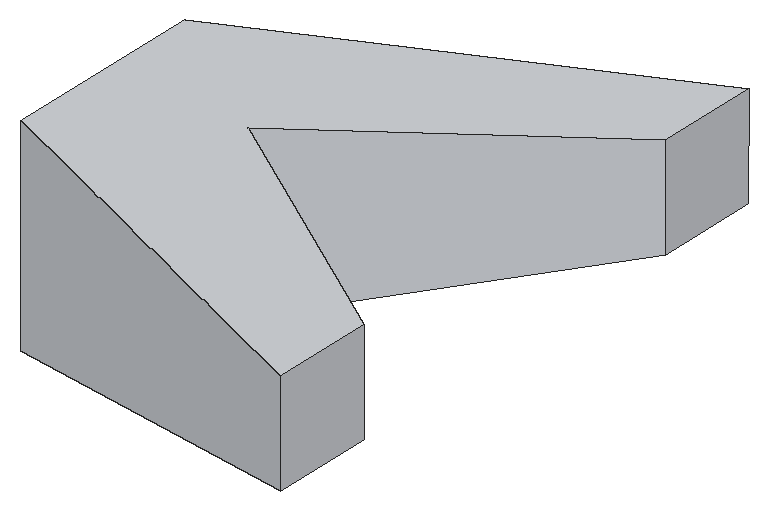
Revit family "M_Calças retangulares - Redução", category Conexões de duto, Revit 2019
Family settings
  Cota do conector redondo = Utilizar diâmetro
  Tipo de parte = Arquejamentos
  Número OmniClass = 23.75.70.14
  Título OmniClass = Air Ductwork
  ID de item do Seek = Rectangular Pants - Reducing-0000-CAN-ENU
  Com base no plano de trabalho = Não
  Sempre na vertical = Sim
  Corte com vazios quando carregada = Não
  Compartilhado = Não
Parameters (values of type "Padrão")
  Largura do duto 3 [instance] = 150 mm
  Largura do duto 2 [instance] = 150 mm
  Largura do duto 1 [instance] = 300 mm
  Comprimento do duto 3 [instance] = Largura do duto 1 / 2 + Largura do duto 3 / 2 + 50 mm  # 275 mm
  Comprimento do duto 2 [instance] = Largura do duto 1 / 2 + Largura do duto 2 / 2 + 50 mm  # 275 mm
  Comprimento do duto 1 [instance] = Largura do duto 1 * 2  # 600 mm
  Altura do duto 3 [instance] = 150 mm
  Altura do duto 2 [instance] = 150 mm
  Altura do duto 1 [instance] = 300 mm
Reference planes
  plane 1 "Centro (Frente/Trás)": y = 0
  plane 2: z = 0
  plane 3 "Centro (Esquerda/Direita)": x = 0
  plane 4: x = 600
  plane 5: y = 275
  plane 6: y = -275
  plane 7: y = 425
  plane 8: y = -425
  plane 9: z = 150
  plane 10: z = -150
  plane 11: y = 150
  plane 12: y = -150
  plane 13: y = 350
  plane 14: y = -350
  plane 15: z = 0
  plane 16: z = 0
Forms (mm)
  Blend 1, solid, detail levels medium+fine
    base sketch origin (0, 0, 0) x (0, 1, 0) y (0, 0, 1)
      loop
        line (150, 150) -> (-150, 150) -> (-150, -150) -> (150, -150) -> (150, 150)
    top sketch origin (0, 0, 0) x (0, 1, 0) y (0, 0, 1)
      loop
        line (425, 150) -> (275, 150) -> (275, 0) -> (425, 0) -> (425, 150)
    from 0 to 600
  Blend 2, solid, detail levels medium+fine
    base sketch origin (0, 0, 0) x (0, 1, 0) y (0, 0, 1)
      loop
        line (150, 150) -> (-150, 150) -> (-150, -150) -> (150, -150) -> (150, 150)
    top sketch origin (0, 0, 0) x (0, 1, 0) y (0, 0, 1)
      loop
        line (-275, 150) -> (-425, 150) -> (-425, 0) -> (-275, 0) -> (-275, 150)
    from 0 to 600
Cuts and joins
  joined: Blend 1, Blend 2
Lines and regions (mm)
  model lines, detail levels coarse
    curve 1: line (600, 350, 0) -> (0, 0, 0)
    curve 2: line (0, 0, 0) -> (600, -350, 0)
Dimensions and locks
  "Comprimento do duto 1": plane 3 "Centro (Esquerda/Direita)" to plane 4
  "Comprimento do duto 2": plane 5 to plane 1 "Centro (Frente/Trás)"
  "Comprimento do duto 3": plane 1 "Centro (Frente/Trás)" to plane 6
  "Largura do duto 2": plane 7 to plane 5
  "Largura do duto 3": plane 6 to plane 8
  equal spacing: plane 9, plane 2, plane 10
  "Altura do duto 1": plane 9 to plane 10
  equal spacing: plane 11, plane 1 "Centro (Frente/Trás)", plane 12
  "Largura do duto 1": plane 11 to plane 12
  equal spacing: plane 7, plane 13, plane 5
  equal spacing: plane 6, plane 14, plane 8
  "Altura do duto 2": plane 9 to plane 15
  "Altura do duto 3": plane 9 to plane 16
  aligned and locked: plane 11 to Blend 1 sketch curve
  aligned and locked: plane 9 to Blend 1 sketch curve  (x2)
  aligned and locked: plane 10 to Blend 1 sketch curve
  aligned and locked: plane 12 to Blend 1 sketch curve
  aligned and locked: plane 7 to Blend 1 sketch curve
  aligned and locked: plane 15 to Blend 1 sketch curve
  aligned and locked: plane 5 to Blend 1 sketch curve
  aligned and locked: Blend 1 to plane 3 "Centro (Esquerda/Direita)"
  aligned and locked: plane 4 to Blend 1
  aligned and locked: Blend 2 sketch curve to plane 12
  aligned and locked: plane 10 to Blend 2 sketch curve
  aligned and locked: plane 11 to Blend 2 sketch curve
  aligned and locked: Blend 2 sketch curve to plane 9
  aligned and locked: plane 6 to Blend 2 sketch curve
  aligned and locked: plane 9 to Blend 2 sketch curve
  aligned and locked: plane 16 to Blend 2 sketch curve
  aligned and locked: plane 8 to Blend 2 sketch curve
  aligned and locked: Blend 2 to plane 3 "Centro (Esquerda/Direita)"
  aligned and locked: plane 4 to Blend 2
  aligned and locked: Blend 1 to plane 4
  aligned and locked: plane 4 to curve 1
  aligned and locked: plane 13 to curve 1
  aligned and locked: plane 3 "Centro (Esquerda/Direita)" to curve 1
  aligned and locked: plane 1 "Centro (Frente/Trás)" to curve 1
  aligned and locked: plane 14 to curve 2
  aligned and locked: plane 4 to curve 2
Connectors
  hvac at (0, 0, 0), driven by "Altura do duto 1", driven by "Largura do duto 1"
    settings: on cut or joined group of Blend 1, Blend 2, index 1, duct flow 0.0 L/s, flow factor 0, pres drop 0.0 Pa, loss coef 0, conn angle 0.00°, conn width 300 mm, conn height 300 mm, conn diameter 609.6 mm, duct sys type 28, conn prof type 1, flow config 0, flow direction 0, loss method 0, conn ref index -1, conn util no, is conn primary yes, conn desc ""
  hvac at (600, 350, 75), driven by "Largura do duto 2", driven by "Altura do duto 2"
    settings: on cut or joined group of Blend 1, Blend 2, index 2, duct flow 0.0 L/s, flow factor 0, pres drop 0.0 Pa, loss coef 0, conn angle 0.00°, conn width 150 mm, conn height 150 mm, conn diameter 609.6 mm, duct sys type 28, conn prof type 1, flow config 0, flow direction 0, loss method 0, conn ref index -1, conn util no, is conn primary no, conn desc ""
  hvac at (600, -350, 75), driven by "Largura do duto 3", driven by "Altura do duto 3"
    settings: on cut or joined group of Blend 1, Blend 2, index 3, duct flow 0.0 L/s, flow factor 0, pres drop 0.0 Pa, loss coef 0, conn angle 0.00°, conn width 150 mm, conn height 150 mm, conn diameter 609.6 mm, duct sys type 28, conn prof type 1, flow config 0, flow direction 0, loss method 0, conn ref index -1, conn util no, is conn primary no, conn desc ""
